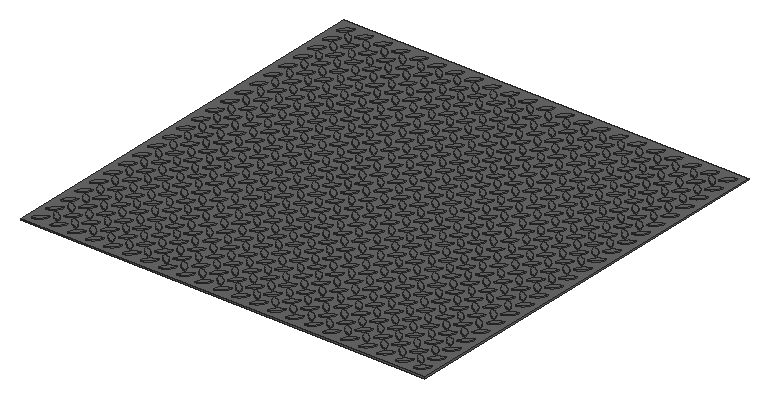
Revit family "141012021113804", category Modelos genéricos, Revit 2018 (continued)
Forms (mm)
  Blend 489, solid, material "Goma negro" <- "Material", detail levels fine
    base sketch origin (1458.494, 388.945, 0) x (-0.707107, -0.707107, 0) y (0.707107, -0.707107, 0)
      loop
        arc (792.83, -290.22) -> (787.479, -307.273) -> (792.83, -324.327) r 29.852
        arc (792.83, -324.327) -> (793.684, -324.773) -> (794.539, -324.327) r 1.041
        arc (794.539, -324.327) -> (799.889, -307.273) -> (794.539, -290.22) r 29.852
        arc (794.539, -290.22) -> (793.684, -289.773) -> (792.83, -290.22) r 1.041
    top sketch origin (1458.494, 388.945, 0) x (-0.707107, -0.707107, 0) y (0.707107, -0.707107, 0)
      loop
        arc (792.83, -290.22) -> (787.479, -307.273) -> (792.83, -324.327) r 29.852
        arc (792.83, -324.327) -> (793.684, -324.773) -> (794.539, -324.327) r 1.041
        arc (794.539, -324.327) -> (799.889, -307.273) -> (794.539, -290.22) r 29.852
        arc (794.539, -290.22) -> (793.684, -289.773) -> (792.83, -290.22) r 1.041
    from 0 to 1
  Blend 490, solid, material "Goma negro" <- "Material", detail levels fine
    base sketch origin (268.555, 800.994, 0) x (0.707107, -0.707107, 0) y (0.707107, 0.707107, 0)
      loop
        arc (792.83, -290.22) -> (787.479, -307.273) -> (792.83, -324.327) r 29.852
        arc (792.83, -324.327) -> (793.684, -324.773) -> (794.539, -324.327) r 1.041
        arc (794.539, -324.327) -> (799.889, -307.273) -> (794.539, -290.22) r 29.852
        arc (794.539, -290.22) -> (793.684, -289.773) -> (792.83, -290.22) r 1.041
    top sketch origin (268.555, 800.994, 0) x (0.707107, -0.707107, 0) y (0.707107, 0.707107, 0)
      loop
        arc (792.83, -290.22) -> (787.479, -307.273) -> (792.83, -324.327) r 29.852
        arc (792.83, -324.327) -> (793.684, -324.773) -> (794.539, -324.327) r 1.041
        arc (794.539, -324.327) -> (799.889, -307.273) -> (794.539, -290.22) r 29.852
        arc (794.539, -290.22) -> (793.684, -289.773) -> (792.83, -290.22) r 1.041
    from 0 to 1
  Blend 491, solid, material "Goma negro" <- "Material", detail levels fine
    base sketch origin (1413.494, 388.945, 0) x (-0.707107, -0.707107, 0) y (0.707107, -0.707107, 0)
      loop
        arc (792.83, -290.22) -> (787.479, -307.273) -> (792.83, -324.327) r 29.852
        arc (792.83, -324.327) -> (793.684, -324.773) -> (794.539, -324.327) r 1.041
        arc (794.539, -324.327) -> (799.889, -307.273) -> (794.539, -290.22) r 29.852
        arc (794.539, -290.22) -> (793.684, -289.773) -> (792.83, -290.22) r 1.041
    top sketch origin (1413.494, 388.945, 0) x (-0.707107, -0.707107, 0) y (0.707107, -0.707107, 0)
      loop
        arc (792.83, -290.22) -> (787.479, -307.273) -> (792.83, -324.327) r 29.852
        arc (792.83, -324.327) -> (793.684, -324.773) -> (794.539, -324.327) r 1.041
        arc (794.539, -324.327) -> (799.889, -307.273) -> (794.539, -290.22) r 29.852
        arc (794.539, -290.22) -> (793.684, -289.773) -> (792.83, -290.22) r 1.041
    from 0 to 1
  Blend 492, solid, material "Goma negro" <- "Material", detail levels fine
    base sketch origin (223.555, 800.994, 0) x (0.707107, -0.707107, 0) y (0.707107, 0.707107, 0)
      loop
        arc (792.83, -290.22) -> (787.479, -307.273) -> (792.83, -324.327) r 29.852
        arc (792.83, -324.327) -> (793.684, -324.773) -> (794.539, -324.327) r 1.041
        arc (794.539, -324.327) -> (799.889, -307.273) -> (794.539, -290.22) r 29.852
        arc (794.539, -290.22) -> (793.684, -289.773) -> (792.83, -290.22) r 1.041
    top sketch origin (223.555, 800.994, 0) x (0.707107, -0.707107, 0) y (0.707107, 0.707107, 0)
      loop
        arc (792.83, -290.22) -> (787.479, -307.273) -> (792.83, -324.327) r 29.852
        arc (792.83, -324.327) -> (793.684, -324.773) -> (794.539, -324.327) r 1.041
        arc (794.539, -324.327) -> (799.889, -307.273) -> (794.539, -290.22) r 29.852
        arc (794.539, -290.22) -> (793.684, -289.773) -> (792.83, -290.22) r 1.041
    from 0 to 1
  Blend 493, solid, material "Goma negro" <- "Material", detail levels fine
    base sketch origin (1368.494, 388.945, 0) x (-0.707107, -0.707107, 0) y (0.707107, -0.707107, 0)
      loop
        arc (792.83, -290.22) -> (787.479, -307.273) -> (792.83, -324.327) r 29.852
        arc (792.83, -324.327) -> (793.684, -324.773) -> (794.539, -324.327) r 1.041
        arc (794.539, -324.327) -> (799.889, -307.273) -> (794.539, -290.22) r 29.852
        arc (794.539, -290.22) -> (793.684, -289.773) -> (792.83, -290.22) r 1.041
    top sketch origin (1368.494, 388.945, 0) x (-0.707107, -0.707107, 0) y (0.707107, -0.707107, 0)
      loop
        arc (792.83, -290.22) -> (787.479, -307.273) -> (792.83, -324.327) r 29.852
        arc (792.83, -324.327) -> (793.684, -324.773) -> (794.539, -324.327) r 1.041
        arc (794.539, -324.327) -> (799.889, -307.273) -> (794.539, -290.22) r 29.852
        arc (794.539, -290.22) -> (793.684, -289.773) -> (792.83, -290.22) r 1.041
    from 0 to 1
  Blend 494, solid, material "Goma negro" <- "Material", detail levels fine
    base sketch origin (178.555, 800.994, 0) x (0.707107, -0.707107, 0) y (0.707107, 0.707107, 0)
      loop
        arc (792.83, -290.22) -> (787.479, -307.273) -> (792.83, -324.327) r 29.852
        arc (792.83, -324.327) -> (793.684, -324.773) -> (794.539, -324.327) r 1.041
        arc (794.539, -324.327) -> (799.889, -307.273) -> (794.539, -290.22) r 29.852
        arc (794.539, -290.22) -> (793.684, -289.773) -> (792.83, -290.22) r 1.041
    top sketch origin (178.555, 800.994, 0) x (0.707107, -0.707107, 0) y (0.707107, 0.707107, 0)
      loop
        arc (792.83, -290.22) -> (787.479, -307.273) -> (792.83, -324.327) r 29.852
        arc (792.83, -324.327) -> (793.684, -324.773) -> (794.539, -324.327) r 1.041
        arc (794.539, -324.327) -> (799.889, -307.273) -> (794.539, -290.22) r 29.852
        arc (794.539, -290.22) -> (793.684, -289.773) -> (792.83, -290.22) r 1.041
    from 0 to 1
  Blend 495, solid, material "Goma negro" <- "Material", detail levels fine
    base sketch origin (1323.494, 388.945, 0) x (-0.707107, -0.707107, 0) y (0.707107, -0.707107, 0)
      loop
        arc (792.83, -290.22) -> (787.479, -307.273) -> (792.83, -324.327) r 29.852
        arc (792.83, -324.327) -> (793.684, -324.773) -> (794.539, -324.327) r 1.041
        arc (794.539, -324.327) -> (799.889, -307.273) -> (794.539, -290.22) r 29.852
        arc (794.539, -290.22) -> (793.684, -289.773) -> (792.83, -290.22) r 1.041
    top sketch origin (1323.494, 388.945, 0) x (-0.707107, -0.707107, 0) y (0.707107, -0.707107, 0)
      loop
        arc (792.83, -290.22) -> (787.479, -307.273) -> (792.83, -324.327) r 29.852
        arc (792.83, -324.327) -> (793.684, -324.773) -> (794.539, -324.327) r 1.041
        arc (794.539, -324.327) -> (799.889, -307.273) -> (794.539, -290.22) r 29.852
        arc (794.539, -290.22) -> (793.684, -289.773) -> (792.83, -290.22) r 1.041
    from 0 to 1
  Blend 496, solid, material "Goma negro" <- "Material", detail levels fine
    base sketch origin (133.555, 800.994, 0) x (0.707107, -0.707107, 0) y (0.707107, 0.707107, 0)
      loop
        arc (792.83, -290.22) -> (787.479, -307.273) -> (792.83, -324.327) r 29.852
        arc (792.83, -324.327) -> (793.684, -324.773) -> (794.539, -324.327) r 1.041
        arc (794.539, -324.327) -> (799.889, -307.273) -> (794.539, -290.22) r 29.852
        arc (794.539, -290.22) -> (793.684, -289.773) -> (792.83, -290.22) r 1.041
    top sketch origin (133.555, 800.994, 0) x (0.707107, -0.707107, 0) y (0.707107, 0.707107, 0)
      loop
        arc (792.83, -290.22) -> (787.479, -307.273) -> (792.83, -324.327) r 29.852
        arc (792.83, -324.327) -> (793.684, -324.773) -> (794.539, -324.327) r 1.041
        arc (794.539, -324.327) -> (799.889, -307.273) -> (794.539, -290.22) r 29.852
        arc (794.539, -290.22) -> (793.684, -289.773) -> (792.83, -290.22) r 1.041
    from 0 to 1
  Blend 497, solid, material "Goma negro" <- "Material", detail levels fine
    base sketch origin (1278.494, 388.945, 0) x (-0.707107, -0.707107, 0) y (0.707107, -0.707107, 0)
      loop
        arc (792.83, -290.22) -> (787.479, -307.273) -> (792.83, -324.327) r 29.852
        arc (792.83, -324.327) -> (793.684, -324.773) -> (794.539, -324.327) r 1.041
        arc (794.539, -324.327) -> (799.889, -307.273) -> (794.539, -290.22) r 29.852
        arc (794.539, -290.22) -> (793.684, -289.773) -> (792.83, -290.22) r 1.041
    top sketch origin (1278.494, 388.945, 0) x (-0.707107, -0.707107, 0) y (0.707107, -0.707107, 0)
      loop
        arc (792.83, -290.22) -> (787.479, -307.273) -> (792.83, -324.327) r 29.852
        arc (792.83, -324.327) -> (793.684, -324.773) -> (794.539, -324.327) r 1.041
        arc (794.539, -324.327) -> (799.889, -307.273) -> (794.539, -290.22) r 29.852
        arc (794.539, -290.22) -> (793.684, -289.773) -> (792.83, -290.22) r 1.041
    from 0 to 1
  Blend 498, solid, material "Goma negro" <- "Material", detail levels fine
    base sketch origin (88.555, 800.994, 0) x (0.707107, -0.707107, 0) y (0.707107, 0.707107, 0)
      loop
        arc (792.83, -290.22) -> (787.479, -307.273) -> (792.83, -324.327) r 29.852
        arc (792.83, -324.327) -> (793.684, -324.773) -> (794.539, -324.327) r 1.041
        arc (794.539, -324.327) -> (799.889, -307.273) -> (794.539, -290.22) r 29.852
        arc (794.539, -290.22) -> (793.684, -289.773) -> (792.83, -290.22) r 1.041
    top sketch origin (88.555, 800.994, 0) x (0.707107, -0.707107, 0) y (0.707107, 0.707107, 0)
      loop
        arc (792.83, -290.22) -> (787.479, -307.273) -> (792.83, -324.327) r 29.852
        arc (792.83, -324.327) -> (793.684, -324.773) -> (794.539, -324.327) r 1.041
        arc (794.539, -324.327) -> (799.889, -307.273) -> (794.539, -290.22) r 29.852
        arc (794.539, -290.22) -> (793.684, -289.773) -> (792.83, -290.22) r 1.041
    from 0 to 1
  Blend 499, solid, material "Goma negro" <- "Material", detail levels fine
    base sketch origin (1233.494, 388.945, 0) x (-0.707107, -0.707107, 0) y (0.707107, -0.707107, 0)
      loop
        arc (792.83, -290.22) -> (787.479, -307.273) -> (792.83, -324.327) r 29.852
        arc (792.83, -324.327) -> (793.684, -324.773) -> (794.539, -324.327) r 1.041
        arc (794.539, -324.327) -> (799.889, -307.273) -> (794.539, -290.22) r 29.852
        arc (794.539, -290.22) -> (793.684, -289.773) -> (792.83, -290.22) r 1.041
    top sketch origin (1233.494, 388.945, 0) x (-0.707107, -0.707107, 0) y (0.707107, -0.707107, 0)
      loop
        arc (792.83, -290.22) -> (787.479, -307.273) -> (792.83, -324.327) r 29.852
        arc (792.83, -324.327) -> (793.684, -324.773) -> (794.539, -324.327) r 1.041
        arc (794.539, -324.327) -> (799.889, -307.273) -> (794.539, -290.22) r 29.852
        arc (794.539, -290.22) -> (793.684, -289.773) -> (792.83, -290.22) r 1.041
    from 0 to 1
  Blend 500, solid, material "Goma negro" <- "Material", detail levels fine
    base sketch origin (43.555, 800.994, 0) x (0.707107, -0.707107, 0) y (0.707107, 0.707107, 0)
      loop
        arc (792.83, -290.22) -> (787.479, -307.273) -> (792.83, -324.327) r 29.852
        arc (792.83, -324.327) -> (793.684, -324.773) -> (794.539, -324.327) r 1.041
        arc (794.539, -324.327) -> (799.889, -307.273) -> (794.539, -290.22) r 29.852
        arc (794.539, -290.22) -> (793.684, -289.773) -> (792.83, -290.22) r 1.041
    top sketch origin (43.555, 800.994, 0) x (0.707107, -0.707107, 0) y (0.707107, 0.707107, 0)
      loop
        arc (792.83, -290.22) -> (787.479, -307.273) -> (792.83, -324.327) r 29.852
        arc (792.83, -324.327) -> (793.684, -324.773) -> (794.539, -324.327) r 1.041
        arc (794.539, -324.327) -> (799.889, -307.273) -> (794.539, -290.22) r 29.852
        arc (794.539, -290.22) -> (793.684, -289.773) -> (792.83, -290.22) r 1.041
    from 0 to 1
  Blend 501, solid, material "Goma negro" <- "Material", detail levels fine
    base sketch origin (1188.494, 388.945, 0) x (-0.707107, -0.707107, 0) y (0.707107, -0.707107, 0)
      loop
        arc (792.83, -290.22) -> (787.479, -307.273) -> (792.83, -324.327) r 29.852
        arc (792.83, -324.327) -> (793.684, -324.773) -> (794.539, -324.327) r 1.041
        arc (794.539, -324.327) -> (799.889, -307.273) -> (794.539, -290.22) r 29.852
        arc (794.539, -290.22) -> (793.684, -289.773) -> (792.83, -290.22) r 1.041
    top sketch origin (1188.494, 388.945, 0) x (-0.707107, -0.707107, 0) y (0.707107, -0.707107, 0)
      loop
        arc (792.83, -290.22) -> (787.479, -307.273) -> (792.83, -324.327) r 29.852
        arc (792.83, -324.327) -> (793.684, -324.773) -> (794.539, -324.327) r 1.041
        arc (794.539, -324.327) -> (799.889, -307.273) -> (794.539, -290.22) r 29.852
        arc (794.539, -290.22) -> (793.684, -289.773) -> (792.83, -290.22) r 1.041
    from 0 to 1
  Blend 502, solid, material "Goma negro" <- "Material", detail levels fine
    base sketch origin (-1.445, 800.994, 0) x (0.707107, -0.707107, 0) y (0.707107, 0.707107, 0)
      loop
        arc (792.83, -290.22) -> (787.479, -307.273) -> (792.83, -324.327) r 29.852
        arc (792.83, -324.327) -> (793.684, -324.773) -> (794.539, -324.327) r 1.041
        arc (794.539, -324.327) -> (799.889, -307.273) -> (794.539, -290.22) r 29.852
        arc (794.539, -290.22) -> (793.684, -289.773) -> (792.83, -290.22) r 1.041
    top sketch origin (-1.445, 800.994, 0) x (0.707107, -0.707107, 0) y (0.707107, 0.707107, 0)
      loop
        arc (792.83, -290.22) -> (787.479, -307.273) -> (792.83, -324.327) r 29.852
        arc (792.83, -324.327) -> (793.684, -324.773) -> (794.539, -324.327) r 1.041
        arc (794.539, -324.327) -> (799.889, -307.273) -> (794.539, -290.22) r 29.852
        arc (794.539, -290.22) -> (793.684, -289.773) -> (792.83, -290.22) r 1.041
    from 0 to 1
  Blend 503, solid, material "Goma negro" <- "Material", detail levels fine
    base sketch origin (1143.494, 388.945, 0) x (-0.707107, -0.707107, 0) y (0.707107, -0.707107, 0)
      loop
        arc (792.83, -290.22) -> (787.479, -307.273) -> (792.83, -324.327) r 29.852
        arc (792.83, -324.327) -> (793.684, -324.773) -> (794.539, -324.327) r 1.041
        arc (794.539, -324.327) -> (799.889, -307.273) -> (794.539, -290.22) r 29.852
        arc (794.539, -290.22) -> (793.684, -289.773) -> (792.83, -290.22) r 1.041
    top sketch origin (1143.494, 388.945, 0) x (-0.707107, -0.707107, 0) y (0.707107, -0.707107, 0)
      loop
        arc (792.83, -290.22) -> (787.479, -307.273) -> (792.83, -324.327) r 29.852
        arc (792.83, -324.327) -> (793.684, -324.773) -> (794.539, -324.327) r 1.041
        arc (794.539, -324.327) -> (799.889, -307.273) -> (794.539, -290.22) r 29.852
        arc (794.539, -290.22) -> (793.684, -289.773) -> (792.83, -290.22) r 1.041
    from 0 to 1
  Blend 504, solid, material "Goma negro" <- "Material", detail levels fine
    base sketch origin (-46.445, 800.994, 0) x (0.707107, -0.707107, 0) y (0.707107, 0.707107, 0)
      loop
        arc (792.83, -290.22) -> (787.479, -307.273) -> (792.83, -324.327) r 29.852
        arc (792.83, -324.327) -> (793.684, -324.773) -> (794.539, -324.327) r 1.041
        arc (794.539, -324.327) -> (799.889, -307.273) -> (794.539, -290.22) r 29.852
        arc (794.539, -290.22) -> (793.684, -289.773) -> (792.83, -290.22) r 1.041
    top sketch origin (-46.445, 800.994, 0) x (0.707107, -0.707107, 0) y (0.707107, 0.707107, 0)
      loop
        arc (792.83, -290.22) -> (787.479, -307.273) -> (792.83, -324.327) r 29.852
        arc (792.83, -324.327) -> (793.684, -324.773) -> (794.539, -324.327) r 1.041
        arc (794.539, -324.327) -> (799.889, -307.273) -> (794.539, -290.22) r 29.852
        arc (794.539, -290.22) -> (793.684, -289.773) -> (792.83, -290.22) r 1.041
    from 0 to 1
  Blend 505, solid, material "Goma negro" <- "Material", detail levels fine
    base sketch origin (1098.494, 388.945, 0) x (-0.707107, -0.707107, 0) y (0.707107, -0.707107, 0)
      loop
        arc (792.83, -290.22) -> (787.479, -307.273) -> (792.83, -324.327) r 29.852
        arc (792.83, -324.327) -> (793.684, -324.773) -> (794.539, -324.327) r 1.041
        arc (794.539, -324.327) -> (799.889, -307.273) -> (794.539, -290.22) r 29.852
        arc (794.539, -290.22) -> (793.684, -289.773) -> (792.83, -290.22) r 1.041
    top sketch origin (1098.494, 388.945, 0) x (-0.707107, -0.707107, 0) y (0.707107, -0.707107, 0)
      loop
        arc (792.83, -290.22) -> (787.479, -307.273) -> (792.83, -324.327) r 29.852
        arc (792.83, -324.327) -> (793.684, -324.773) -> (794.539, -324.327) r 1.041
        arc (794.539, -324.327) -> (799.889, -307.273) -> (794.539, -290.22) r 29.852
        arc (794.539, -290.22) -> (793.684, -289.773) -> (792.83, -290.22) r 1.041
    from 0 to 1
  Blend 506, solid, material "Goma negro" <- "Material", detail levels fine
    base sketch origin (-91.445, 800.994, 0) x (0.707107, -0.707107, 0) y (0.707107, 0.707107, 0)
      loop
        arc (792.83, -290.22) -> (787.479, -307.273) -> (792.83, -324.327) r 29.852
        arc (792.83, -324.327) -> (793.684, -324.773) -> (794.539, -324.327) r 1.041
        arc (794.539, -324.327) -> (799.889, -307.273) -> (794.539, -290.22) r 29.852
        arc (794.539, -290.22) -> (793.684, -289.773) -> (792.83, -290.22) r 1.041
    top sketch origin (-91.445, 800.994, 0) x (0.707107, -0.707107, 0) y (0.707107, 0.707107, 0)
      loop
        arc (792.83, -290.22) -> (787.479, -307.273) -> (792.83, -324.327) r 29.852
        arc (792.83, -324.327) -> (793.684, -324.773) -> (794.539, -324.327) r 1.041
        arc (794.539, -324.327) -> (799.889, -307.273) -> (794.539, -290.22) r 29.852
        arc (794.539, -290.22) -> (793.684, -289.773) -> (792.83, -290.22) r 1.041
    from 0 to 1
  Blend 507, solid, material "Goma negro" <- "Material", detail levels fine
    base sketch origin (1053.494, 388.945, 0) x (-0.707107, -0.707107, 0) y (0.707107, -0.707107, 0)
      loop
        arc (792.83, -290.22) -> (787.479, -307.273) -> (792.83, -324.327) r 29.852
        arc (792.83, -324.327) -> (793.684, -324.773) -> (794.539, -324.327) r 1.041
        arc (794.539, -324.327) -> (799.889, -307.273) -> (794.539, -290.22) r 29.852
        arc (794.539, -290.22) -> (793.684, -289.773) -> (792.83, -290.22) r 1.041
    top sketch origin (1053.494, 388.945, 0) x (-0.707107, -0.707107, 0) y (0.707107, -0.707107, 0)
      loop
        arc (792.83, -290.22) -> (787.479, -307.273) -> (792.83, -324.327) r 29.852
        arc (792.83, -324.327) -> (793.684, -324.773) -> (794.539, -324.327) r 1.041
        arc (794.539, -324.327) -> (799.889, -307.273) -> (794.539, -290.22) r 29.852
        arc (794.539, -290.22) -> (793.684, -289.773) -> (792.83, -290.22) r 1.041
    from 0 to 1
  Blend 508, solid, material "Goma negro" <- "Material", detail levels fine
    base sketch origin (-136.445, 800.994, 0) x (0.707107, -0.707107, 0) y (0.707107, 0.707107, 0)
      loop
        arc (792.83, -290.22) -> (787.479, -307.273) -> (792.83, -324.327) r 29.852
        arc (792.83, -324.327) -> (793.684, -324.773) -> (794.539, -324.327) r 1.041
        arc (794.539, -324.327) -> (799.889, -307.273) -> (794.539, -290.22) r 29.852
        arc (794.539, -290.22) -> (793.684, -289.773) -> (792.83, -290.22) r 1.041
    top sketch origin (-136.445, 800.994, 0) x (0.707107, -0.707107, 0) y (0.707107, 0.707107, 0)
      loop
        arc (792.83, -290.22) -> (787.479, -307.273) -> (792.83, -324.327) r 29.852
        arc (792.83, -324.327) -> (793.684, -324.773) -> (794.539, -324.327) r 1.041
        arc (794.539, -324.327) -> (799.889, -307.273) -> (794.539, -290.22) r 29.852
        arc (794.539, -290.22) -> (793.684, -289.773) -> (792.83, -290.22) r 1.041
    from 0 to 1
  Blend 509, solid, material "Goma negro" <- "Material", detail levels fine
    base sketch origin (1008.494, 388.945, 0) x (-0.707107, -0.707107, 0) y (0.707107, -0.707107, 0)
      loop
        arc (792.83, -290.22) -> (787.479, -307.273) -> (792.83, -324.327) r 29.852
        arc (792.83, -324.327) -> (793.684, -324.773) -> (794.539, -324.327) r 1.041
        arc (794.539, -324.327) -> (799.889, -307.273) -> (794.539, -290.22) r 29.852
        arc (794.539, -290.22) -> (793.684, -289.773) -> (792.83, -290.22) r 1.041
    top sketch origin (1008.494, 388.945, 0) x (-0.707107, -0.707107, 0) y (0.707107, -0.707107, 0)
      loop
        arc (792.83, -290.22) -> (787.479, -307.273) -> (792.83, -324.327) r 29.852
        arc (792.83, -324.327) -> (793.684, -324.773) -> (794.539, -324.327) r 1.041
        arc (794.539, -324.327) -> (799.889, -307.273) -> (794.539, -290.22) r 29.852
        arc (794.539, -290.22) -> (793.684, -289.773) -> (792.83, -290.22) r 1.041
    from 0 to 1
  Blend 510, solid, material "Goma negro" <- "Material", detail levels fine
    base sketch origin (-181.445, 800.994, 0) x (0.707107, -0.707107, 0) y (0.707107, 0.707107, 0)
      loop
        arc (792.83, -290.22) -> (787.479, -307.273) -> (792.83, -324.327) r 29.852
        arc (792.83, -324.327) -> (793.684, -324.773) -> (794.539, -324.327) r 1.041
        arc (794.539, -324.327) -> (799.889, -307.273) -> (794.539, -290.22) r 29.852
        arc (794.539, -290.22) -> (793.684, -289.773) -> (792.83, -290.22) r 1.041
    top sketch origin (-181.445, 800.994, 0) x (0.707107, -0.707107, 0) y (0.707107, 0.707107, 0)
      loop
        arc (792.83, -290.22) -> (787.479, -307.273) -> (792.83, -324.327) r 29.852
        arc (792.83, -324.327) -> (793.684, -324.773) -> (794.539, -324.327) r 1.041
        arc (794.539, -324.327) -> (799.889, -307.273) -> (794.539, -290.22) r 29.852
        arc (794.539, -290.22) -> (793.684, -289.773) -> (792.83, -290.22) r 1.041
    from 0 to 1
  Blend 511, solid, material "Goma negro" <- "Material", detail levels fine
    base sketch origin (963.494, 388.945, 0) x (-0.707107, -0.707107, 0) y (0.707107, -0.707107, 0)
      loop
        arc (792.83, -290.22) -> (787.479, -307.273) -> (792.83, -324.327) r 29.852
        arc (792.83, -324.327) -> (793.684, -324.773) -> (794.539, -324.327) r 1.041
        arc (794.539, -324.327) -> (799.889, -307.273) -> (794.539, -290.22) r 29.852
        arc (794.539, -290.22) -> (793.684, -289.773) -> (792.83, -290.22) r 1.041
    top sketch origin (963.494, 388.945, 0) x (-0.707107, -0.707107, 0) y (0.707107, -0.707107, 0)
      loop
        arc (792.83, -290.22) -> (787.479, -307.273) -> (792.83, -324.327) r 29.852
        arc (792.83, -324.327) -> (793.684, -324.773) -> (794.539, -324.327) r 1.041
        arc (794.539, -324.327) -> (799.889, -307.273) -> (794.539, -290.22) r 29.852
        arc (794.539, -290.22) -> (793.684, -289.773) -> (792.83, -290.22) r 1.041
    from 0 to 1
  Blend 512, solid, material "Goma negro" <- "Material", detail levels fine
    base sketch origin (-226.445, 800.994, 0) x (0.707107, -0.707107, 0) y (0.707107, 0.707107, 0)
      loop
        arc (792.83, -290.22) -> (787.479, -307.273) -> (792.83, -324.327) r 29.852
        arc (792.83, -324.327) -> (793.684, -324.773) -> (794.539, -324.327) r 1.041
        arc (794.539, -324.327) -> (799.889, -307.273) -> (794.539, -290.22) r 29.852
        arc (794.539, -290.22) -> (793.684, -289.773) -> (792.83, -290.22) r 1.041
    top sketch origin (-226.445, 800.994, 0) x (0.707107, -0.707107, 0) y (0.707107, 0.707107, 0)
      loop
        arc (792.83, -290.22) -> (787.479, -307.273) -> (792.83, -324.327) r 29.852
        arc (792.83, -324.327) -> (793.684, -324.773) -> (794.539, -324.327) r 1.041
        arc (794.539, -324.327) -> (799.889, -307.273) -> (794.539, -290.22) r 29.852
        arc (794.539, -290.22) -> (793.684, -289.773) -> (792.83, -290.22) r 1.041
    from 0 to 1
  Blend 513, solid, material "Goma negro" <- "Material", detail levels fine
    base sketch origin (918.494, 388.945, 0) x (-0.707107, -0.707107, 0) y (0.707107, -0.707107, 0)
      loop
        arc (792.83, -290.22) -> (787.479, -307.273) -> (792.83, -324.327) r 29.852
        arc (792.83, -324.327) -> (793.684, -324.773) -> (794.539, -324.327) r 1.041
        arc (794.539, -324.327) -> (799.889, -307.273) -> (794.539, -290.22) r 29.852
        arc (794.539, -290.22) -> (793.684, -289.773) -> (792.83, -290.22) r 1.041
    top sketch origin (918.494, 388.945, 0) x (-0.707107, -0.707107, 0) y (0.707107, -0.707107, 0)
      loop
        arc (792.83, -290.22) -> (787.479, -307.273) -> (792.83, -324.327) r 29.852
        arc (792.83, -324.327) -> (793.684, -324.773) -> (794.539, -324.327) r 1.041
        arc (794.539, -324.327) -> (799.889, -307.273) -> (794.539, -290.22) r 29.852
        arc (794.539, -290.22) -> (793.684, -289.773) -> (792.83, -290.22) r 1.041
    from 0 to 1
  Blend 514, solid, material "Goma negro" <- "Material", detail levels fine
    base sketch origin (-271.445, 800.994, 0) x (0.707107, -0.707107, 0) y (0.707107, 0.707107, 0)
      loop
        arc (792.83, -290.22) -> (787.479, -307.273) -> (792.83, -324.327) r 29.852
        arc (792.83, -324.327) -> (793.684, -324.773) -> (794.539, -324.327) r 1.041
        arc (794.539, -324.327) -> (799.889, -307.273) -> (794.539, -290.22) r 29.852
        arc (794.539, -290.22) -> (793.684, -289.773) -> (792.83, -290.22) r 1.041
    top sketch origin (-271.445, 800.994, 0) x (0.707107, -0.707107, 0) y (0.707107, 0.707107, 0)
      loop
        arc (792.83, -290.22) -> (787.479, -307.273) -> (792.83, -324.327) r 29.852
        arc (792.83, -324.327) -> (793.684, -324.773) -> (794.539, -324.327) r 1.041
        arc (794.539, -324.327) -> (799.889, -307.273) -> (794.539, -290.22) r 29.852
        arc (794.539, -290.22) -> (793.684, -289.773) -> (792.83, -290.22) r 1.041
    from 0 to 1
  Blend 515, solid, material "Goma negro" <- "Material", detail levels fine
    base sketch origin (873.494, 388.945, 0) x (-0.707107, -0.707107, 0) y (0.707107, -0.707107, 0)
      loop
        arc (792.83, -290.22) -> (787.479, -307.273) -> (792.83, -324.327) r 29.852
        arc (792.83, -324.327) -> (793.684, -324.773) -> (794.539, -324.327) r 1.041
        arc (794.539, -324.327) -> (799.889, -307.273) -> (794.539, -290.22) r 29.852
        arc (794.539, -290.22) -> (793.684, -289.773) -> (792.83, -290.22) r 1.041
    top sketch origin (873.494, 388.945, 0) x (-0.707107, -0.707107, 0) y (0.707107, -0.707107, 0)
      loop
        arc (792.83, -290.22) -> (787.479, -307.273) -> (792.83, -324.327) r 29.852
        arc (792.83, -324.327) -> (793.684, -324.773) -> (794.539, -324.327) r 1.041
        arc (794.539, -324.327) -> (799.889, -307.273) -> (794.539, -290.22) r 29.852
        arc (794.539, -290.22) -> (793.684, -289.773) -> (792.83, -290.22) r 1.041
    from 0 to 1
  Blend 516, solid, material "Goma negro" <- "Material", detail levels fine
    base sketch origin (-316.445, 800.994, 0) x (0.707107, -0.707107, 0) y (0.707107, 0.707107, 0)
      loop
        arc (792.83, -290.22) -> (787.479, -307.273) -> (792.83, -324.327) r 29.852
        arc (792.83, -324.327) -> (793.684, -324.773) -> (794.539, -324.327) r 1.041
        arc (794.539, -324.327) -> (799.889, -307.273) -> (794.539, -290.22) r 29.852
        arc (794.539, -290.22) -> (793.684, -289.773) -> (792.83, -290.22) r 1.041
    top sketch origin (-316.445, 800.994, 0) x (0.707107, -0.707107, 0) y (0.707107, 0.707107, 0)
      loop
        arc (792.83, -290.22) -> (787.479, -307.273) -> (792.83, -324.327) r 29.852
        arc (792.83, -324.327) -> (793.684, -324.773) -> (794.539, -324.327) r 1.041
        arc (794.539, -324.327) -> (799.889, -307.273) -> (794.539, -290.22) r 29.852
        arc (794.539, -290.22) -> (793.684, -289.773) -> (792.83, -290.22) r 1.041
    from 0 to 1
  Blend 517, solid, material "Goma negro" <- "Material", detail levels fine
    base sketch origin (828.494, 388.945, 0) x (-0.707107, -0.707107, 0) y (0.707107, -0.707107, 0)
      loop
        arc (792.83, -290.22) -> (787.479, -307.273) -> (792.83, -324.327) r 29.852
        arc (792.83, -324.327) -> (793.684, -324.773) -> (794.539, -324.327) r 1.041
        arc (794.539, -324.327) -> (799.889, -307.273) -> (794.539, -290.22) r 29.852
        arc (794.539, -290.22) -> (793.684, -289.773) -> (792.83, -290.22) r 1.041
    top sketch origin (828.494, 388.945, 0) x (-0.707107, -0.707107, 0) y (0.707107, -0.707107, 0)
      loop
        arc (792.83, -290.22) -> (787.479, -307.273) -> (792.83, -324.327) r 29.852
        arc (792.83, -324.327) -> (793.684, -324.773) -> (794.539, -324.327) r 1.041
        arc (794.539, -324.327) -> (799.889, -307.273) -> (794.539, -290.22) r 29.852
        arc (794.539, -290.22) -> (793.684, -289.773) -> (792.83, -290.22) r 1.041
    from 0 to 1
  Blend 518, solid, material "Goma negro" <- "Material", detail levels fine
    base sketch origin (628.555, 845.994, 0) x (0.707107, -0.707107, 0) y (0.707107, 0.707107, 0)
      loop
        arc (792.83, -290.22) -> (787.479, -307.273) -> (792.83, -324.327) r 29.852
        arc (792.83, -324.327) -> (793.684, -324.773) -> (794.539, -324.327) r 1.041
        arc (794.539, -324.327) -> (799.889, -307.273) -> (794.539, -290.22) r 29.852
        arc (794.539, -290.22) -> (793.684, -289.773) -> (792.83, -290.22) r 1.041
    top sketch origin (628.555, 845.994, 0) x (0.707107, -0.707107, 0) y (0.707107, 0.707107, 0)
      loop
        arc (792.83, -290.22) -> (787.479, -307.273) -> (792.83, -324.327) r 29.852
        arc (792.83, -324.327) -> (793.684, -324.773) -> (794.539, -324.327) r 1.041
        arc (794.539, -324.327) -> (799.889, -307.273) -> (794.539, -290.22) r 29.852
        arc (794.539, -290.22) -> (793.684, -289.773) -> (792.83, -290.22) r 1.041
    from 0 to 1
  Blend 519, solid, material "Goma negro" <- "Material", detail levels fine
    base sketch origin (583.555, 845.994, 0) x (0.707107, -0.707107, 0) y (0.707107, 0.707107, 0)
      loop
        arc (792.83, -290.22) -> (787.479, -307.273) -> (792.83, -324.327) r 29.852
        arc (792.83, -324.327) -> (793.684, -324.773) -> (794.539, -324.327) r 1.041
        arc (794.539, -324.327) -> (799.889, -307.273) -> (794.539, -290.22) r 29.852
        arc (794.539, -290.22) -> (793.684, -289.773) -> (792.83, -290.22) r 1.041
    top sketch origin (583.555, 845.994, 0) x (0.707107, -0.707107, 0) y (0.707107, 0.707107, 0)
      loop
        arc (792.83, -290.22) -> (787.479, -307.273) -> (792.83, -324.327) r 29.852
        arc (792.83, -324.327) -> (793.684, -324.773) -> (794.539, -324.327) r 1.041
        arc (794.539, -324.327) -> (799.889, -307.273) -> (794.539, -290.22) r 29.852
        arc (794.539, -290.22) -> (793.684, -289.773) -> (792.83, -290.22) r 1.041
    from 0 to 1
  Blend 520, solid, material "Goma negro" <- "Material", detail levels fine
    base sketch origin (1728.494, 433.945, 0) x (-0.707107, -0.707107, 0) y (0.707107, -0.707107, 0)
      loop
        arc (792.83, -290.22) -> (787.479, -307.273) -> (792.83, -324.327) r 29.852
        arc (792.83, -324.327) -> (793.684, -324.773) -> (794.539, -324.327) r 1.041
        arc (794.539, -324.327) -> (799.889, -307.273) -> (794.539, -290.22) r 29.852
        arc (794.539, -290.22) -> (793.684, -289.773) -> (792.83, -290.22) r 1.041
    top sketch origin (1728.494, 433.945, 0) x (-0.707107, -0.707107, 0) y (0.707107, -0.707107, 0)
      loop
        arc (792.83, -290.22) -> (787.479, -307.273) -> (792.83, -324.327) r 29.852
        arc (792.83, -324.327) -> (793.684, -324.773) -> (794.539, -324.327) r 1.041
        arc (794.539, -324.327) -> (799.889, -307.273) -> (794.539, -290.22) r 29.852
        arc (794.539, -290.22) -> (793.684, -289.773) -> (792.83, -290.22) r 1.041
    from 0 to 1
  Blend 521, solid, material "Goma negro" <- "Material", detail levels fine
    base sketch origin (538.555, 845.994, 0) x (0.707107, -0.707107, 0) y (0.707107, 0.707107, 0)
      loop
        arc (792.83, -290.22) -> (787.479, -307.273) -> (792.83, -324.327) r 29.852
        arc (792.83, -324.327) -> (793.684, -324.773) -> (794.539, -324.327) r 1.041
        arc (794.539, -324.327) -> (799.889, -307.273) -> (794.539, -290.22) r 29.852
        arc (794.539, -290.22) -> (793.684, -289.773) -> (792.83, -290.22) r 1.041
    top sketch origin (538.555, 845.994, 0) x (0.707107, -0.707107, 0) y (0.707107, 0.707107, 0)
      loop
        arc (792.83, -290.22) -> (787.479, -307.273) -> (792.83, -324.327) r 29.852
        arc (792.83, -324.327) -> (793.684, -324.773) -> (794.539, -324.327) r 1.041
        arc (794.539, -324.327) -> (799.889, -307.273) -> (794.539, -290.22) r 29.852
        arc (794.539, -290.22) -> (793.684, -289.773) -> (792.83, -290.22) r 1.041
    from 0 to 1
  Blend 522, solid, material "Goma negro" <- "Material", detail levels fine
    base sketch origin (1683.494, 433.945, 0) x (-0.707107, -0.707107, 0) y (0.707107, -0.707107, 0)
      loop
        arc (792.83, -290.22) -> (787.479, -307.273) -> (792.83, -324.327) r 29.852
        arc (792.83, -324.327) -> (793.684, -324.773) -> (794.539, -324.327) r 1.041
        arc (794.539, -324.327) -> (799.889, -307.273) -> (794.539, -290.22) r 29.852
        arc (794.539, -290.22) -> (793.684, -289.773) -> (792.83, -290.22) r 1.041
    top sketch origin (1683.494, 433.945, 0) x (-0.707107, -0.707107, 0) y (0.707107, -0.707107, 0)
      loop
        arc (792.83, -290.22) -> (787.479, -307.273) -> (792.83, -324.327) r 29.852
        arc (792.83, -324.327) -> (793.684, -324.773) -> (794.539, -324.327) r 1.041
        arc (794.539, -324.327) -> (799.889, -307.273) -> (794.539, -290.22) r 29.852
        arc (794.539, -290.22) -> (793.684, -289.773) -> (792.83, -290.22) r 1.041
    from 0 to 1
  Blend 523, solid, material "Goma negro" <- "Material", detail levels fine
    base sketch origin (493.555, 845.994, 0) x (0.707107, -0.707107, 0) y (0.707107, 0.707107, 0)
      loop
        arc (792.83, -290.22) -> (787.479, -307.273) -> (792.83, -324.327) r 29.852
        arc (792.83, -324.327) -> (793.684, -324.773) -> (794.539, -324.327) r 1.041
        arc (794.539, -324.327) -> (799.889, -307.273) -> (794.539, -290.22) r 29.852
        arc (794.539, -290.22) -> (793.684, -289.773) -> (792.83, -290.22) r 1.041
    top sketch origin (493.555, 845.994, 0) x (0.707107, -0.707107, 0) y (0.707107, 0.707107, 0)
      loop
        arc (792.83, -290.22) -> (787.479, -307.273) -> (792.83, -324.327) r 29.852
        arc (792.83, -324.327) -> (793.684, -324.773) -> (794.539, -324.327) r 1.041
        arc (794.539, -324.327) -> (799.889, -307.273) -> (794.539, -290.22) r 29.852
        arc (794.539, -290.22) -> (793.684, -289.773) -> (792.83, -290.22) r 1.041
    from 0 to 1
  Blend 524, solid, material "Goma negro" <- "Material", detail levels fine
    base sketch origin (1638.494, 433.945, 0) x (-0.707107, -0.707107, 0) y (0.707107, -0.707107, 0)
      loop
        arc (792.83, -290.22) -> (787.479, -307.273) -> (792.83, -324.327) r 29.852
        arc (792.83, -324.327) -> (793.684, -324.773) -> (794.539, -324.327) r 1.041
        arc (794.539, -324.327) -> (799.889, -307.273) -> (794.539, -290.22) r 29.852
        arc (794.539, -290.22) -> (793.684, -289.773) -> (792.83, -290.22) r 1.041
    top sketch origin (1638.494, 433.945, 0) x (-0.707107, -0.707107, 0) y (0.707107, -0.707107, 0)
      loop
        arc (792.83, -290.22) -> (787.479, -307.273) -> (792.83, -324.327) r 29.852
        arc (792.83, -324.327) -> (793.684, -324.773) -> (794.539, -324.327) r 1.041
        arc (794.539, -324.327) -> (799.889, -307.273) -> (794.539, -290.22) r 29.852
        arc (794.539, -290.22) -> (793.684, -289.773) -> (792.83, -290.22) r 1.041
    from 0 to 1
  Blend 525, solid, material "Goma negro" <- "Material", detail levels fine
    base sketch origin (448.555, 845.994, 0) x (0.707107, -0.707107, 0) y (0.707107, 0.707107, 0)
      loop
        arc (792.83, -290.22) -> (787.479, -307.273) -> (792.83, -324.327) r 29.852
        arc (792.83, -324.327) -> (793.684, -324.773) -> (794.539, -324.327) r 1.041
        arc (794.539, -324.327) -> (799.889, -307.273) -> (794.539, -290.22) r 29.852
        arc (794.539, -290.22) -> (793.684, -289.773) -> (792.83, -290.22) r 1.041
    top sketch origin (448.555, 845.994, 0) x (0.707107, -0.707107, 0) y (0.707107, 0.707107, 0)
      loop
        arc (792.83, -290.22) -> (787.479, -307.273) -> (792.83, -324.327) r 29.852
        arc (792.83, -324.327) -> (793.684, -324.773) -> (794.539, -324.327) r 1.041
        arc (794.539, -324.327) -> (799.889, -307.273) -> (794.539, -290.22) r 29.852
        arc (794.539, -290.22) -> (793.684, -289.773) -> (792.83, -290.22) r 1.041
    from 0 to 1
  Blend 526, solid, material "Goma negro" <- "Material", detail levels fine
    base sketch origin (1593.494, 433.945, 0) x (-0.707107, -0.707107, 0) y (0.707107, -0.707107, 0)
      loop
        arc (792.83, -290.22) -> (787.479, -307.273) -> (792.83, -324.327) r 29.852
        arc (792.83, -324.327) -> (793.684, -324.773) -> (794.539, -324.327) r 1.041
        arc (794.539, -324.327) -> (799.889, -307.273) -> (794.539, -290.22) r 29.852
        arc (794.539, -290.22) -> (793.684, -289.773) -> (792.83, -290.22) r 1.041
    top sketch origin (1593.494, 433.945, 0) x (-0.707107, -0.707107, 0) y (0.707107, -0.707107, 0)
      loop
        arc (792.83, -290.22) -> (787.479, -307.273) -> (792.83, -324.327) r 29.852
        arc (792.83, -324.327) -> (793.684, -324.773) -> (794.539, -324.327) r 1.041
        arc (794.539, -324.327) -> (799.889, -307.273) -> (794.539, -290.22) r 29.852
        arc (794.539, -290.22) -> (793.684, -289.773) -> (792.83, -290.22) r 1.041
    from 0 to 1
  Blend 527, solid, material "Goma negro" <- "Material", detail levels fine
    base sketch origin (403.555, 845.994, 0) x (0.707107, -0.707107, 0) y (0.707107, 0.707107, 0)
      loop
        arc (792.83, -290.22) -> (787.479, -307.273) -> (792.83, -324.327) r 29.852
        arc (792.83, -324.327) -> (793.684, -324.773) -> (794.539, -324.327) r 1.041
        arc (794.539, -324.327) -> (799.889, -307.273) -> (794.539, -290.22) r 29.852
        arc (794.539, -290.22) -> (793.684, -289.773) -> (792.83, -290.22) r 1.041
    top sketch origin (403.555, 845.994, 0) x (0.707107, -0.707107, 0) y (0.707107, 0.707107, 0)
      loop
        arc (792.83, -290.22) -> (787.479, -307.273) -> (792.83, -324.327) r 29.852
        arc (792.83, -324.327) -> (793.684, -324.773) -> (794.539, -324.327) r 1.041
        arc (794.539, -324.327) -> (799.889, -307.273) -> (794.539, -290.22) r 29.852
        arc (794.539, -290.22) -> (793.684, -289.773) -> (792.83, -290.22) r 1.041
    from 0 to 1
  Blend 528, solid, material "Goma negro" <- "Material", detail levels fine
    base sketch origin (1548.494, 433.945, 0) x (-0.707107, -0.707107, 0) y (0.707107, -0.707107, 0)
      loop
        arc (792.83, -290.22) -> (787.479, -307.273) -> (792.83, -324.327) r 29.852
        arc (792.83, -324.327) -> (793.684, -324.773) -> (794.539, -324.327) r 1.041
        arc (794.539, -324.327) -> (799.889, -307.273) -> (794.539, -290.22) r 29.852
        arc (794.539, -290.22) -> (793.684, -289.773) -> (792.83, -290.22) r 1.041
    top sketch origin (1548.494, 433.945, 0) x (-0.707107, -0.707107, 0) y (0.707107, -0.707107, 0)
      loop
        arc (792.83, -290.22) -> (787.479, -307.273) -> (792.83, -324.327) r 29.852
        arc (792.83, -324.327) -> (793.684, -324.773) -> (794.539, -324.327) r 1.041
        arc (794.539, -324.327) -> (799.889, -307.273) -> (794.539, -290.22) r 29.852
        arc (794.539, -290.22) -> (793.684, -289.773) -> (792.83, -290.22) r 1.041
    from 0 to 1
  Blend 529, solid, material "Goma negro" <- "Material", detail levels fine
    base sketch origin (358.555, 845.994, 0) x (0.707107, -0.707107, 0) y (0.707107, 0.707107, 0)
      loop
        arc (792.83, -290.22) -> (787.479, -307.273) -> (792.83, -324.327) r 29.852
        arc (792.83, -324.327) -> (793.684, -324.773) -> (794.539, -324.327) r 1.041
        arc (794.539, -324.327) -> (799.889, -307.273) -> (794.539, -290.22) r 29.852
        arc (794.539, -290.22) -> (793.684, -289.773) -> (792.83, -290.22) r 1.041
    top sketch origin (358.555, 845.994, 0) x (0.707107, -0.707107, 0) y (0.707107, 0.707107, 0)
      loop
        arc (792.83, -290.22) -> (787.479, -307.273) -> (792.83, -324.327) r 29.852
        arc (792.83, -324.327) -> (793.684, -324.773) -> (794.539, -324.327) r 1.041
        arc (794.539, -324.327) -> (799.889, -307.273) -> (794.539, -290.22) r 29.852
        arc (794.539, -290.22) -> (793.684, -289.773) -> (792.83, -290.22) r 1.041
    from 0 to 1
  Blend 530, solid, material "Goma negro" <- "Material", detail levels fine
    base sketch origin (1503.494, 433.945, 0) x (-0.707107, -0.707107, 0) y (0.707107, -0.707107, 0)
      loop
        arc (792.83, -290.22) -> (787.479, -307.273) -> (792.83, -324.327) r 29.852
        arc (792.83, -324.327) -> (793.684, -324.773) -> (794.539, -324.327) r 1.041
        arc (794.539, -324.327) -> (799.889, -307.273) -> (794.539, -290.22) r 29.852
        arc (794.539, -290.22) -> (793.684, -289.773) -> (792.83, -290.22) r 1.041
    top sketch origin (1503.494, 433.945, 0) x (-0.707107, -0.707107, 0) y (0.707107, -0.707107, 0)
      loop
        arc (792.83, -290.22) -> (787.479, -307.273) -> (792.83, -324.327) r 29.852
        arc (792.83, -324.327) -> (793.684, -324.773) -> (794.539, -324.327) r 1.041
        arc (794.539, -324.327) -> (799.889, -307.273) -> (794.539, -290.22) r 29.852
        arc (794.539, -290.22) -> (793.684, -289.773) -> (792.83, -290.22) r 1.041
    from 0 to 1
  Blend 531, solid, material "Goma negro" <- "Material", detail levels fine
    base sketch origin (313.555, 845.994, 0) x (0.707107, -0.707107, 0) y (0.707107, 0.707107, 0)
      loop
        arc (792.83, -290.22) -> (787.479, -307.273) -> (792.83, -324.327) r 29.852
        arc (792.83, -324.327) -> (793.684, -324.773) -> (794.539, -324.327) r 1.041
        arc (794.539, -324.327) -> (799.889, -307.273) -> (794.539, -290.22) r 29.852
        arc (794.539, -290.22) -> (793.684, -289.773) -> (792.83, -290.22) r 1.041
    top sketch origin (313.555, 845.994, 0) x (0.707107, -0.707107, 0) y (0.707107, 0.707107, 0)
      loop
        arc (792.83, -290.22) -> (787.479, -307.273) -> (792.83, -324.327) r 29.852
        arc (792.83, -324.327) -> (793.684, -324.773) -> (794.539, -324.327) r 1.041
        arc (794.539, -324.327) -> (799.889, -307.273) -> (794.539, -290.22) r 29.852
        arc (794.539, -290.22) -> (793.684, -289.773) -> (792.83, -290.22) r 1.041
    from 0 to 1
  Blend 532, solid, material "Goma negro" <- "Material", detail levels fine
    base sketch origin (1458.494, 433.945, 0) x (-0.707107, -0.707107, 0) y (0.707107, -0.707107, 0)
      loop
        arc (792.83, -290.22) -> (787.479, -307.273) -> (792.83, -324.327) r 29.852
        arc (792.83, -324.327) -> (793.684, -324.773) -> (794.539, -324.327) r 1.041
        arc (794.539, -324.327) -> (799.889, -307.273) -> (794.539, -290.22) r 29.852
        arc (794.539, -290.22) -> (793.684, -289.773) -> (792.83, -290.22) r 1.041
    top sketch origin (1458.494, 433.945, 0) x (-0.707107, -0.707107, 0) y (0.707107, -0.707107, 0)
      loop
        arc (792.83, -290.22) -> (787.479, -307.273) -> (792.83, -324.327) r 29.852
        arc (792.83, -324.327) -> (793.684, -324.773) -> (794.539, -324.327) r 1.041
        arc (794.539, -324.327) -> (799.889, -307.273) -> (794.539, -290.22) r 29.852
        arc (794.539, -290.22) -> (793.684, -289.773) -> (792.83, -290.22) r 1.041
    from 0 to 1
  Blend 533, solid, material "Goma negro" <- "Material", detail levels fine
    base sketch origin (268.555, 845.994, 0) x (0.707107, -0.707107, 0) y (0.707107, 0.707107, 0)
      loop
        arc (792.83, -290.22) -> (787.479, -307.273) -> (792.83, -324.327) r 29.852
        arc (792.83, -324.327) -> (793.684, -324.773) -> (794.539, -324.327) r 1.041
        arc (794.539, -324.327) -> (799.889, -307.273) -> (794.539, -290.22) r 29.852
        arc (794.539, -290.22) -> (793.684, -289.773) -> (792.83, -290.22) r 1.041
    top sketch origin (268.555, 845.994, 0) x (0.707107, -0.707107, 0) y (0.707107, 0.707107, 0)
      loop
        arc (792.83, -290.22) -> (787.479, -307.273) -> (792.83, -324.327) r 29.852
        arc (792.83, -324.327) -> (793.684, -324.773) -> (794.539, -324.327) r 1.041
        arc (794.539, -324.327) -> (799.889, -307.273) -> (794.539, -290.22) r 29.852
        arc (794.539, -290.22) -> (793.684, -289.773) -> (792.83, -290.22) r 1.041
    from 0 to 1
  Blend 534, solid, material "Goma negro" <- "Material", detail levels fine
    base sketch origin (1413.494, 433.945, 0) x (-0.707107, -0.707107, 0) y (0.707107, -0.707107, 0)
      loop
        arc (792.83, -290.22) -> (787.479, -307.273) -> (792.83, -324.327) r 29.852
        arc (792.83, -324.327) -> (793.684, -324.773) -> (794.539, -324.327) r 1.041
        arc (794.539, -324.327) -> (799.889, -307.273) -> (794.539, -290.22) r 29.852
        arc (794.539, -290.22) -> (793.684, -289.773) -> (792.83, -290.22) r 1.041
    top sketch origin (1413.494, 433.945, 0) x (-0.707107, -0.707107, 0) y (0.707107, -0.707107, 0)
      loop
        arc (792.83, -290.22) -> (787.479, -307.273) -> (792.83, -324.327) r 29.852
        arc (792.83, -324.327) -> (793.684, -324.773) -> (794.539, -324.327) r 1.041
        arc (794.539, -324.327) -> (799.889, -307.273) -> (794.539, -290.22) r 29.852
        arc (794.539, -290.22) -> (793.684, -289.773) -> (792.83, -290.22) r 1.041
    from 0 to 1
  Blend 535, solid, material "Goma negro" <- "Material", detail levels fine
    base sketch origin (223.555, 845.994, 0) x (0.707107, -0.707107, 0) y (0.707107, 0.707107, 0)
      loop
        arc (792.83, -290.22) -> (787.479, -307.273) -> (792.83, -324.327) r 29.852
        arc (792.83, -324.327) -> (793.684, -324.773) -> (794.539, -324.327) r 1.041
        arc (794.539, -324.327) -> (799.889, -307.273) -> (794.539, -290.22) r 29.852
        arc (794.539, -290.22) -> (793.684, -289.773) -> (792.83, -290.22) r 1.041
    top sketch origin (223.555, 845.994, 0) x (0.707107, -0.707107, 0) y (0.707107, 0.707107, 0)
      loop
        arc (792.83, -290.22) -> (787.479, -307.273) -> (792.83, -324.327) r 29.852
        arc (792.83, -324.327) -> (793.684, -324.773) -> (794.539, -324.327) r 1.041
        arc (794.539, -324.327) -> (799.889, -307.273) -> (794.539, -290.22) r 29.852
        arc (794.539, -290.22) -> (793.684, -289.773) -> (792.83, -290.22) r 1.041
    from 0 to 1
  Blend 536, solid, material "Goma negro" <- "Material", detail levels fine
    base sketch origin (1368.494, 433.945, 0) x (-0.707107, -0.707107, 0) y (0.707107, -0.707107, 0)
      loop
        arc (792.83, -290.22) -> (787.479, -307.273) -> (792.83, -324.327) r 29.852
        arc (792.83, -324.327) -> (793.684, -324.773) -> (794.539, -324.327) r 1.041
        arc (794.539, -324.327) -> (799.889, -307.273) -> (794.539, -290.22) r 29.852
        arc (794.539, -290.22) -> (793.684, -289.773) -> (792.83, -290.22) r 1.041
    top sketch origin (1368.494, 433.945, 0) x (-0.707107, -0.707107, 0) y (0.707107, -0.707107, 0)
      loop
        arc (792.83, -290.22) -> (787.479, -307.273) -> (792.83, -324.327) r 29.852
        arc (792.83, -324.327) -> (793.684, -324.773) -> (794.539, -324.327) r 1.041
        arc (794.539, -324.327) -> (799.889, -307.273) -> (794.539, -290.22) r 29.852
        arc (794.539, -290.22) -> (793.684, -289.773) -> (792.83, -290.22) r 1.041
    from 0 to 1
  Blend 537, solid, material "Goma negro" <- "Material", detail levels fine
    base sketch origin (178.555, 845.994, 0) x (0.707107, -0.707107, 0) y (0.707107, 0.707107, 0)
      loop
        arc (792.83, -290.22) -> (787.479, -307.273) -> (792.83, -324.327) r 29.852
        arc (792.83, -324.327) -> (793.684, -324.773) -> (794.539, -324.327) r 1.041
        arc (794.539, -324.327) -> (799.889, -307.273) -> (794.539, -290.22) r 29.852
        arc (794.539, -290.22) -> (793.684, -289.773) -> (792.83, -290.22) r 1.041
    top sketch origin (178.555, 845.994, 0) x (0.707107, -0.707107, 0) y (0.707107, 0.707107, 0)
      loop
        arc (792.83, -290.22) -> (787.479, -307.273) -> (792.83, -324.327) r 29.852
        arc (792.83, -324.327) -> (793.684, -324.773) -> (794.539, -324.327) r 1.041
        arc (794.539, -324.327) -> (799.889, -307.273) -> (794.539, -290.22) r 29.852
        arc (794.539, -290.22) -> (793.684, -289.773) -> (792.83, -290.22) r 1.041
    from 0 to 1
  Blend 538, solid, material "Goma negro" <- "Material", detail levels fine
    base sketch origin (1323.494, 433.945, 0) x (-0.707107, -0.707107, 0) y (0.707107, -0.707107, 0)
      loop
        arc (792.83, -290.22) -> (787.479, -307.273) -> (792.83, -324.327) r 29.852
        arc (792.83, -324.327) -> (793.684, -324.773) -> (794.539, -324.327) r 1.041
        arc (794.539, -324.327) -> (799.889, -307.273) -> (794.539, -290.22) r 29.852
        arc (794.539, -290.22) -> (793.684, -289.773) -> (792.83, -290.22) r 1.041
    top sketch origin (1323.494, 433.945, 0) x (-0.707107, -0.707107, 0) y (0.707107, -0.707107, 0)
      loop
        arc (792.83, -290.22) -> (787.479, -307.273) -> (792.83, -324.327) r 29.852
        arc (792.83, -324.327) -> (793.684, -324.773) -> (794.539, -324.327) r 1.041
        arc (794.539, -324.327) -> (799.889, -307.273) -> (794.539, -290.22) r 29.852
        arc (794.539, -290.22) -> (793.684, -289.773) -> (792.83, -290.22) r 1.041
    from 0 to 1
  Blend 539, solid, material "Goma negro" <- "Material", detail levels fine
    base sketch origin (133.555, 845.994, 0) x (0.707107, -0.707107, 0) y (0.707107, 0.707107, 0)
      loop
        arc (792.83, -290.22) -> (787.479, -307.273) -> (792.83, -324.327) r 29.852
        arc (792.83, -324.327) -> (793.684, -324.773) -> (794.539, -324.327) r 1.041
        arc (794.539, -324.327) -> (799.889, -307.273) -> (794.539, -290.22) r 29.852
        arc (794.539, -290.22) -> (793.684, -289.773) -> (792.83, -290.22) r 1.041
    top sketch origin (133.555, 845.994, 0) x (0.707107, -0.707107, 0) y (0.707107, 0.707107, 0)
      loop
        arc (792.83, -290.22) -> (787.479, -307.273) -> (792.83, -324.327) r 29.852
        arc (792.83, -324.327) -> (793.684, -324.773) -> (794.539, -324.327) r 1.041
        arc (794.539, -324.327) -> (799.889, -307.273) -> (794.539, -290.22) r 29.852
        arc (794.539, -290.22) -> (793.684, -289.773) -> (792.83, -290.22) r 1.041
    from 0 to 1
  Blend 540, solid, material "Goma negro" <- "Material", detail levels fine
    base sketch origin (1278.494, 433.945, 0) x (-0.707107, -0.707107, 0) y (0.707107, -0.707107, 0)
      loop
        arc (792.83, -290.22) -> (787.479, -307.273) -> (792.83, -324.327) r 29.852
        arc (792.83, -324.327) -> (793.684, -324.773) -> (794.539, -324.327) r 1.041
        arc (794.539, -324.327) -> (799.889, -307.273) -> (794.539, -290.22) r 29.852
        arc (794.539, -290.22) -> (793.684, -289.773) -> (792.83, -290.22) r 1.041
    top sketch origin (1278.494, 433.945, 0) x (-0.707107, -0.707107, 0) y (0.707107, -0.707107, 0)
      loop
        arc (792.83, -290.22) -> (787.479, -307.273) -> (792.83, -324.327) r 29.852
        arc (792.83, -324.327) -> (793.684, -324.773) -> (794.539, -324.327) r 1.041
        arc (794.539, -324.327) -> (799.889, -307.273) -> (794.539, -290.22) r 29.852
        arc (794.539, -290.22) -> (793.684, -289.773) -> (792.83, -290.22) r 1.041
    from 0 to 1
  Blend 541, solid, material "Goma negro" <- "Material", detail levels fine
    base sketch origin (88.555, 845.994, 0) x (0.707107, -0.707107, 0) y (0.707107, 0.707107, 0)
      loop
        arc (792.83, -290.22) -> (787.479, -307.273) -> (792.83, -324.327) r 29.852
        arc (792.83, -324.327) -> (793.684, -324.773) -> (794.539, -324.327) r 1.041
        arc (794.539, -324.327) -> (799.889, -307.273) -> (794.539, -290.22) r 29.852
        arc (794.539, -290.22) -> (793.684, -289.773) -> (792.83, -290.22) r 1.041
    top sketch origin (88.555, 845.994, 0) x (0.707107, -0.707107, 0) y (0.707107, 0.707107, 0)
      loop
        arc (792.83, -290.22) -> (787.479, -307.273) -> (792.83, -324.327) r 29.852
        arc (792.83, -324.327) -> (793.684, -324.773) -> (794.539, -324.327) r 1.041
        arc (794.539, -324.327) -> (799.889, -307.273) -> (794.539, -290.22) r 29.852
        arc (794.539, -290.22) -> (793.684, -289.773) -> (792.83, -290.22) r 1.041
    from 0 to 1
  Blend 542, solid, material "Goma negro" <- "Material", detail levels fine
    base sketch origin (1233.494, 433.945, 0) x (-0.707107, -0.707107, 0) y (0.707107, -0.707107, 0)
      loop
        arc (792.83, -290.22) -> (787.479, -307.273) -> (792.83, -324.327) r 29.852
        arc (792.83, -324.327) -> (793.684, -324.773) -> (794.539, -324.327) r 1.041
        arc (794.539, -324.327) -> (799.889, -307.273) -> (794.539, -290.22) r 29.852
        arc (794.539, -290.22) -> (793.684, -289.773) -> (792.83, -290.22) r 1.041
    top sketch origin (1233.494, 433.945, 0) x (-0.707107, -0.707107, 0) y (0.707107, -0.707107, 0)
      loop
        arc (792.83, -290.22) -> (787.479, -307.273) -> (792.83, -324.327) r 29.852
        arc (792.83, -324.327) -> (793.684, -324.773) -> (794.539, -324.327) r 1.041
        arc (794.539, -324.327) -> (799.889, -307.273) -> (794.539, -290.22) r 29.852
        arc (794.539, -290.22) -> (793.684, -289.773) -> (792.83, -290.22) r 1.041
    from 0 to 1
  Blend 543, solid, material "Goma negro" <- "Material", detail levels fine
    base sketch origin (43.555, 845.994, 0) x (0.707107, -0.707107, 0) y (0.707107, 0.707107, 0)
      loop
        arc (792.83, -290.22) -> (787.479, -307.273) -> (792.83, -324.327) r 29.852
        arc (792.83, -324.327) -> (793.684, -324.773) -> (794.539, -324.327) r 1.041
        arc (794.539, -324.327) -> (799.889, -307.273) -> (794.539, -290.22) r 29.852
        arc (794.539, -290.22) -> (793.684, -289.773) -> (792.83, -290.22) r 1.041
    top sketch origin (43.555, 845.994, 0) x (0.707107, -0.707107, 0) y (0.707107, 0.707107, 0)
      loop
        arc (792.83, -290.22) -> (787.479, -307.273) -> (792.83, -324.327) r 29.852
        arc (792.83, -324.327) -> (793.684, -324.773) -> (794.539, -324.327) r 1.041
        arc (794.539, -324.327) -> (799.889, -307.273) -> (794.539, -290.22) r 29.852
        arc (794.539, -290.22) -> (793.684, -289.773) -> (792.83, -290.22) r 1.041
    from 0 to 1
  Blend 544, solid, material "Goma negro" <- "Material", detail levels fine
    base sketch origin (1188.494, 433.945, 0) x (-0.707107, -0.707107, 0) y (0.707107, -0.707107, 0)
      loop
        arc (792.83, -290.22) -> (787.479, -307.273) -> (792.83, -324.327) r 29.852
        arc (792.83, -324.327) -> (793.684, -324.773) -> (794.539, -324.327) r 1.041
        arc (794.539, -324.327) -> (799.889, -307.273) -> (794.539, -290.22) r 29.852
        arc (794.539, -290.22) -> (793.684, -289.773) -> (792.83, -290.22) r 1.041
    top sketch origin (1188.494, 433.945, 0) x (-0.707107, -0.707107, 0) y (0.707107, -0.707107, 0)
      loop
        arc (792.83, -290.22) -> (787.479, -307.273) -> (792.83, -324.327) r 29.852
        arc (792.83, -324.327) -> (793.684, -324.773) -> (794.539, -324.327) r 1.041
        arc (794.539, -324.327) -> (799.889, -307.273) -> (794.539, -290.22) r 29.852
        arc (794.539, -290.22) -> (793.684, -289.773) -> (792.83, -290.22) r 1.041
    from 0 to 1
  Blend 545, solid, material "Goma negro" <- "Material", detail levels fine
    base sketch origin (-1.445, 845.994, 0) x (0.707107, -0.707107, 0) y (0.707107, 0.707107, 0)
      loop
        arc (792.83, -290.22) -> (787.479, -307.273) -> (792.83, -324.327) r 29.852
        arc (792.83, -324.327) -> (793.684, -324.773) -> (794.539, -324.327) r 1.041
        arc (794.539, -324.327) -> (799.889, -307.273) -> (794.539, -290.22) r 29.852
        arc (794.539, -290.22) -> (793.684, -289.773) -> (792.83, -290.22) r 1.041
    top sketch origin (-1.445, 845.994, 0) x (0.707107, -0.707107, 0) y (0.707107, 0.707107, 0)
      loop
        arc (792.83, -290.22) -> (787.479, -307.273) -> (792.83, -324.327) r 29.852
        arc (792.83, -324.327) -> (793.684, -324.773) -> (794.539, -324.327) r 1.041
        arc (794.539, -324.327) -> (799.889, -307.273) -> (794.539, -290.22) r 29.852
        arc (794.539, -290.22) -> (793.684, -289.773) -> (792.83, -290.22) r 1.041
    from 0 to 1
  Blend 546, solid, material "Goma negro" <- "Material", detail levels fine
    base sketch origin (1143.494, 433.945, 0) x (-0.707107, -0.707107, 0) y (0.707107, -0.707107, 0)
      loop
        arc (792.83, -290.22) -> (787.479, -307.273) -> (792.83, -324.327) r 29.852
        arc (792.83, -324.327) -> (793.684, -324.773) -> (794.539, -324.327) r 1.041
        arc (794.539, -324.327) -> (799.889, -307.273) -> (794.539, -290.22) r 29.852
        arc (794.539, -290.22) -> (793.684, -289.773) -> (792.83, -290.22) r 1.041
    top sketch origin (1143.494, 433.945, 0) x (-0.707107, -0.707107, 0) y (0.707107, -0.707107, 0)
      loop
        arc (792.83, -290.22) -> (787.479, -307.273) -> (792.83, -324.327) r 29.852
        arc (792.83, -324.327) -> (793.684, -324.773) -> (794.539, -324.327) r 1.041
        arc (794.539, -324.327) -> (799.889, -307.273) -> (794.539, -290.22) r 29.852
        arc (794.539, -290.22) -> (793.684, -289.773) -> (792.83, -290.22) r 1.041
    from 0 to 1
  Blend 547, solid, material "Goma negro" <- "Material", detail levels fine
    base sketch origin (-46.445, 845.994, 0) x (0.707107, -0.707107, 0) y (0.707107, 0.707107, 0)
      loop
        arc (792.83, -290.22) -> (787.479, -307.273) -> (792.83, -324.327) r 29.852
        arc (792.83, -324.327) -> (793.684, -324.773) -> (794.539, -324.327) r 1.041
        arc (794.539, -324.327) -> (799.889, -307.273) -> (794.539, -290.22) r 29.852
        arc (794.539, -290.22) -> (793.684, -289.773) -> (792.83, -290.22) r 1.041
    top sketch origin (-46.445, 845.994, 0) x (0.707107, -0.707107, 0) y (0.707107, 0.707107, 0)
      loop
        arc (792.83, -290.22) -> (787.479, -307.273) -> (792.83, -324.327) r 29.852
        arc (792.83, -324.327) -> (793.684, -324.773) -> (794.539, -324.327) r 1.041
        arc (794.539, -324.327) -> (799.889, -307.273) -> (794.539, -290.22) r 29.852
        arc (794.539, -290.22) -> (793.684, -289.773) -> (792.83, -290.22) r 1.041
    from 0 to 1
  Blend 548, solid, material "Goma negro" <- "Material", detail levels fine
    base sketch origin (1098.494, 433.945, 0) x (-0.707107, -0.707107, 0) y (0.707107, -0.707107, 0)
      loop
        arc (792.83, -290.22) -> (787.479, -307.273) -> (792.83, -324.327) r 29.852
        arc (792.83, -324.327) -> (793.684, -324.773) -> (794.539, -324.327) r 1.041
        arc (794.539, -324.327) -> (799.889, -307.273) -> (794.539, -290.22) r 29.852
        arc (794.539, -290.22) -> (793.684, -289.773) -> (792.83, -290.22) r 1.041
    top sketch origin (1098.494, 433.945, 0) x (-0.707107, -0.707107, 0) y (0.707107, -0.707107, 0)
      loop
        arc (792.83, -290.22) -> (787.479, -307.273) -> (792.83, -324.327) r 29.852
        arc (792.83, -324.327) -> (793.684, -324.773) -> (794.539, -324.327) r 1.041
        arc (794.539, -324.327) -> (799.889, -307.273) -> (794.539, -290.22) r 29.852
        arc (794.539, -290.22) -> (793.684, -289.773) -> (792.83, -290.22) r 1.041
    from 0 to 1
  Blend 549, solid, material "Goma negro" <- "Material", detail levels fine
    base sketch origin (-91.445, 845.994, 0) x (0.707107, -0.707107, 0) y (0.707107, 0.707107, 0)
      loop
        arc (792.83, -290.22) -> (787.479, -307.273) -> (792.83, -324.327) r 29.852
        arc (792.83, -324.327) -> (793.684, -324.773) -> (794.539, -324.327) r 1.041
        arc (794.539, -324.327) -> (799.889, -307.273) -> (794.539, -290.22) r 29.852
        arc (794.539, -290.22) -> (793.684, -289.773) -> (792.83, -290.22) r 1.041
    top sketch origin (-91.445, 845.994, 0) x (0.707107, -0.707107, 0) y (0.707107, 0.707107, 0)
      loop
        arc (792.83, -290.22) -> (787.479, -307.273) -> (792.83, -324.327) r 29.852
        arc (792.83, -324.327) -> (793.684, -324.773) -> (794.539, -324.327) r 1.041
        arc (794.539, -324.327) -> (799.889, -307.273) -> (794.539, -290.22) r 29.852
        arc (794.539, -290.22) -> (793.684, -289.773) -> (792.83, -290.22) r 1.041
    from 0 to 1
  Blend 550, solid, material "Goma negro" <- "Material", detail levels fine
    base sketch origin (1053.494, 433.945, 0) x (-0.707107, -0.707107, 0) y (0.707107, -0.707107, 0)
      loop
        arc (792.83, -290.22) -> (787.479, -307.273) -> (792.83, -324.327) r 29.852
